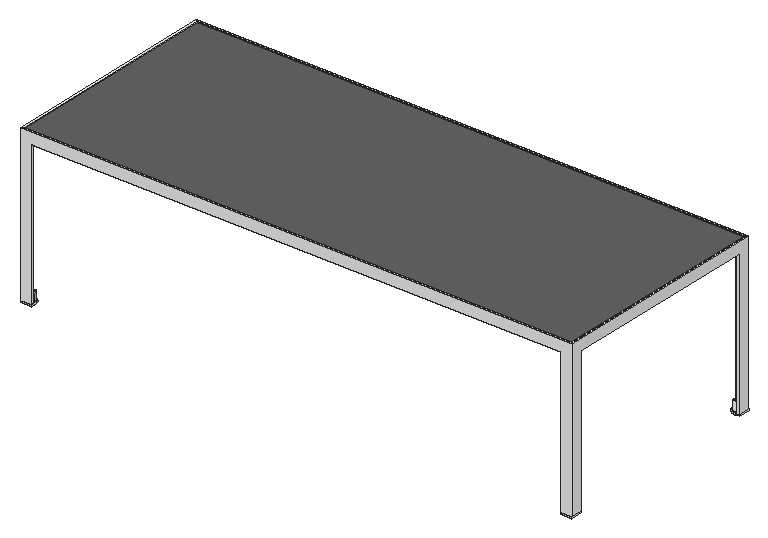
Revit family "Table-Multi_Use-Teknion-PRBH-R2014", category Furniture, Revit 2014
Parameters (values of type "(See Type Catalog)")
  Width = 100 247/256"
  Warranty = "http://www.teknionstudio.com/pdfs/Teknion%20Studio%20Warranty.pdf"
  Unit Weight = 0.00 lbf
  URL = "www.teknionstudio.com"
  Table Top Finish = Veneer - Teknion - P7 - Grey Oak
  Series = "B&B Italia"
  Product Page URL = "http://www.teknionstudio.com/progetto1/"
  Product Line = "Progetto"
  Product Documentation Link = "http://www.teknionstudio.com/pricing/progetto_ppg.pdf"
  Part Number = "PRBH"
  Model = ""
  Manufacturer Phone = "919-464-2920"
  Manufacturer Fax = "919-464-2927"
  Manufacturer Email = "customersupport@teknionstudio.com"
  Manufacturer Address = "3940 US 70 Business HWY West, Clayton, NC 27520"
  Manufacturer = "StudioTK"  # constant formula
  Low Emitting Material = yes
  Low Emitting Finish = yes
  Interior Frame Finish = none
  Height = 28 119/128"
  Foot Offset = if(Adjustable Foot, 5/8", 1/4")  # 5/8"
  Fixed Foot = not(Adjustable Foot)  # no
  Exterior Frame Finish = Metal - Teknion - C6 - Chrome
  Description = ""
  Depth = 40 43/128"
  Assembly Code = "E2020200"
  Adjustable Foot = yes
Reference planes (in)
  plane 1 "Center F/B": y = 0
  plane 2: z = 0
  plane 3 "Center L/R": x = 0
  plane 4 "Left": x = -50.48242
  plane 5 "Right": x = 50.48242
  plane 6 "Back": y = 20.16797
  plane 7 "Front": y = -20.16797
  plane 8 "Top": z = 28.92969
  plane 9: z = 0.625
  plane 10 "Revolve Front": y = -18.89639
  plane 11 "Revolve Back": y = 18.89639
  plane 12: z = 28.52344
Forms (in)
  Sweep 1, solid, material "Veneer - Teknion - P7 - Grey Oak" <- "Table Top Finish"
    path origin (0, 0, 28.92969) x (-1, 0, 0) y (0, -1, 0)
      loop
        line (50.08101, 0) -> (-50.08101, 0)
    profile origin (0, 0, 28.92969) x (0, 1, 0) y (0, 0, 1)
      loop
        line (19.76655, 0) -> (-19.76655, 0) -> (-19.76655, -0.40625) -> (19.76655, -0.40625) -> (19.76655, 0)
  Sweep 2, solid, material "Metal - Teknion - C6 - Chrome" <- "Exterior Frame Finish"
    path origin (0, 0, 0) x (1, 0, 0) y (0, 0, 1)
      loop
        line (0, 28.92969) -> (0, 0.625)
    profile origin (0, 0, 14.77734) x (0, -1, 0) y (1, 0, 0)
      loop
        line (-18.1473, -50.08101) -> (-19.66827, -50.08101) -> (-20.06968, -50.48242) -> (-18.1473, -50.48242) -> (-18.1473, -50.08101)
      loop
        line (-19.76655, -49.98272) -> (-19.76655, -48.46175) -> (-20.16797, -48.46175) -> (-20.16797, -50.38413) -> (-19.76655, -49.98272)
      loop
        line (-18.1473, 50.08101) -> (-18.1473, 50.48242) -> (-20.06968, 50.48242) -> (-19.66827, 50.08101) -> (-18.1473, 50.08101)
      loop
        line (-19.76655, 49.98272) -> (-20.16797, 50.38413) -> (-20.16797, 48.46175) -> (-19.76655, 48.46175) -> (-19.76655, 49.98272)
      loop
        line (18.1473, 50.08101) -> (19.66827, 50.08101) -> (20.06968, 50.48242) -> (18.1473, 50.48242) -> (18.1473, 50.08101)
      loop
        line (19.76655, 49.98272) -> (19.76655, 48.46175) -> (20.16797, 48.46175) -> (20.16797, 50.38413) -> (19.76655, 49.98272)
      loop
        line (18.1473, -50.08101) -> (18.1473, -50.48242) -> (20.06968, -50.48242) -> (19.66827, -50.08101) -> (18.1473, -50.08101)
      loop
        line (19.76655, -49.98272) -> (20.16797, -50.38413) -> (20.16797, -48.46175) -> (19.76655, -48.46175) -> (19.76655, -49.98272)
  Sweep 3, solid, material "Metal - Teknion - C6 - Chrome" <- "Exterior Frame Finish"
    path origin (0, 0, 28.92969) x (-1, 0, 0) y (0, -1, 0)
      loop
        line (0, 18.1473) -> (0, -18.1473)
    profile origin (0, 0, 28.92969) x (-1, 0, 0) y (0, 0, 1)
      loop
        line (50.48242, 0) -> (50.08101, 0) -> (50.08101, -1.9685) -> (50.48242, -1.9685) -> (50.48242, 0)
      loop
        line (-50.48242, 0) -> (-50.48242, -1.9685) -> (-50.08101, -1.9685) -> (-50.08101, 0) -> (-50.48242, 0)
  Sweep 4, solid, material "Metal - Teknion - C6 - Chrome" <- "Exterior Frame Finish", visible <- "Adjustable Foot"
    path origin (0, 0, 0) x (1, 0, 0) y (0, 0, 1)
      loop
        line (0, 0.376) -> (0, 0.625)
    profile origin (0, 0, 0.5005) x (-1, 0, 0) y (0, -1, 0)
      loop
        line (50.48242, -20.16797) -> (50.48242, -18.1473) -> (49.46175, -18.1473)
        arc (49.46175, -18.1473) -> (48.75465, -18.44019) -> (48.46175, -19.1473) r 1
        line (48.46175, -19.1473) -> (48.46175, -20.16797) -> (50.48242, -20.16797)
      loop
        line (-50.48242, -20.16797) -> (-48.46175, -20.16797) -> (-48.46175, -19.1473)
        arc (-48.46175, -19.1473) -> (-48.75465, -18.44019) -> (-49.46175, -18.1473) r 1
        line (-49.46175, -18.1473) -> (-50.48242, -18.1473) -> (-50.48242, -20.16797)
      loop
        line (-50.48242, 20.16797) -> (-50.48242, 18.1473) -> (-49.46175, 18.1473)
        arc (-49.46175, 18.1473) -> (-48.75465, 18.44019) -> (-48.46175, 19.1473) r 1
        line (-48.46175, 19.1473) -> (-48.46175, 20.16797) -> (-50.48242, 20.16797)
      loop
        line (50.48242, 20.16797) -> (48.46175, 20.16797) -> (48.46175, 19.1473)
        arc (48.46175, 19.1473) -> (48.75465, 18.44019) -> (49.46175, 18.1473) r 1
        line (49.46175, 18.1473) -> (50.48242, 18.1473) -> (50.48242, 20.16797)
  Revolve 5, solid, material "Metal - Teknion - C6 - Chrome" <- "Exterior Frame Finish", visible <- "Adjustable Foot"
    sketch origin (0, -18.89639, 0) x (1, 0, 0) y (0, 0, 1)
      loop
        line (-48.83675, 2.17054) -> (-49.21175, 2.17054) -> (-49.21175, 0) -> (-48.89925, 0) -> (-48.89925, 0.126) -> (-48.83675, 0.126) -> (-48.83675, 2.17054)
      axis (-49.21175, 0) -> (-49.21175, 2.17054)
    angle from 0 to 360
  Sweep 6, solid, material "Metal - Teknion - C6 - Chrome" <- "Exterior Frame Finish", visible <- "Adjustable Foot"
    path origin (0, -18.89639, 0) x (1, 0, 0) y (0, 0, 1)
      loop
        line (0, 0.376) -> (0, 0.625)
    profile origin (0, -18.89639, 0.5005) x (-1, 0, 0) y (0, -1, 0)
      loop
        line (48.46175, -38.66295) -> (48.46175, -39.06436) -> (50.48242, -39.06436) -> (50.48242, -37.04369) -> (50.08101, -37.04369) -> (50.08101, -38.66295) -> (48.46175, -38.66295)
      loop
        line (-48.46175, -39.06436) -> (-48.46175, -38.66295) -> (-50.08101, -38.66295) -> (-50.08101, -37.04369) -> (-50.48242, -37.04369) -> (-50.48242, -39.06436) -> (-48.46175, -39.06436)
      loop
        line (-50.48242, -0.74909) -> (-50.08101, -0.74909) -> (-50.08101, 0.87016) -> (-48.46175, 0.87016) -> (-48.46175, 1.27158) -> (-50.48242, 1.27158) -> (-50.48242, -0.74909)
      loop
        line (48.46175, 1.27158) -> (48.46175, 0.87016) -> (50.08101, 0.87016) -> (50.08101, -0.74909) -> (50.48242, -0.74909) -> (50.48242, 1.27158) -> (48.46175, 1.27158)
  Sweep 7, solid, material "Metal - Teknion - C6 - Chrome" <- "Exterior Frame Finish"
    path origin (0, 0, 28.92969) x (0, 1, 0) y (-1, 0, 0)
      loop
        line (0, 48.46175) -> (0, -48.46175)
    profile origin (0, 0, 28.92969) x (0, 1, 0) y (0, 0, 1)
      loop
        line (20.16797, 0) -> (19.76655, 0) -> (19.76655, -1.9685) -> (20.16797, -1.9685) -> (20.16797, 0)
      loop
        line (-20.16797, 0) -> (-20.16797, -1.9685) -> (-19.76655, -1.9685) -> (-19.76655, 0) -> (-20.16797, 0)
  Revolve 8, solid, material "Metal - Teknion - C6 - Chrome" <- "Exterior Frame Finish", visible <- "Adjustable Foot"
    sketch origin (0, -18.89639, 0) x (-1, 0, 0) y (0, 0, 1)
      loop
        line (-48.83675, 2.17054) -> (-49.21175, 2.17054) -> (-49.21175, 0) -> (-48.89925, 0) -> (-48.89925, 0.125) -> (-48.83675, 0.125) -> (-48.83675, 2.17054)
      axis (-49.21175, 0) -> (-49.21175, 2.17054)
    angle from 0 to 360
  Revolve 9, solid, material "Metal - Teknion - C6 - Chrome" <- "Exterior Frame Finish", visible <- "Adjustable Foot"
    sketch origin (0, 18.89639, 0) x (1, 0, 0) y (0, 0, 1)
      loop
        line (-48.83675, 2.17054) -> (-49.21175, 2.17054) -> (-49.21175, 0) -> (-48.89925, 0) -> (-48.89925, 0.126) -> (-48.83675, 0.126) -> (-48.83675, 2.17054)
      axis (-49.21175, 0) -> (-49.21175, 2.17054)
    angle from 0 to 360
  Revolve 10, solid, material "Metal - Teknion - C6 - Chrome" <- "Exterior Frame Finish", visible <- "Adjustable Foot"
    sketch origin (0, 18.89639, 0) x (1, 0, 0) y (0, 0, 1)
      loop
        line (48.83675, 2.17054) -> (48.83675, 0.126) -> (48.89925, 0.126) -> (48.89925, 0) -> (49.21175, 0) -> (49.21175, 2.17054) -> (48.83675, 2.17054)
      axis (49.21175, 0) -> (49.21175, 2.17054)
    angle from 0 to 360
  Sweep 11, solid, material <- "Interior Frame Finish"
    path origin (0, -18.89639, 0) x (1, 0, 0) y (0, 0, 1)
      loop
        line (0, 28.52344) -> (0, 26.96118)
    profile origin (0, -18.89639, 27.74231) x (0, -1, 0) y (1, 0, 0)
      loop
        line (-38.66295, -50.08101) -> (0.87016, -50.08101) -> (0.87016, 50.08101) -> (-38.66295, 50.08101) -> (-38.66295, -50.08101)
      loop
        line (0.46875, -49.67959) -> (0.46875, -17.08978) -> (-38.26153, -17.08978) -> (-38.26153, -49.67959) -> (0.46875, -49.67959)
      loop
        line (-38.26153, 49.67959) -> (-38.26153, 17.09002) -> (0.46875, 17.09002) -> (0.46875, 49.67959) -> (-38.26153, 49.67959)
      loop
        line (0.46875, -16.30238) -> (0.46875, 16.30262) -> (-38.26153, 16.30262) -> (-38.26153, -16.30238) -> (0.46875, -16.30238)
  Sweep 12, solid, material "Metal - Teknion - C6 - Chrome" <- "Exterior Frame Finish", visible <- "Fixed Foot"
    path origin (-7.26285, -16.03178, 0) x (1, 0, 0) y (0, 0, 1)
      loop
        line (7.26285, 0.376) -> (7.26285, 0.625)
    profile origin (0, -16.03178, 0.5005) x (-1, 0, 0) y (0, -1, 0)
      loop
        line (48.46175, -35.79834) -> (48.46175, -36.19975) -> (50.48242, -36.19975) -> (50.48242, -34.17908) -> (50.08101, -34.17908) -> (50.08101, -35.79834) -> (48.46175, -35.79834)
      loop
        line (48.46175, 4.13619) -> (48.46175, 3.73477) -> (50.08101, 3.73477) -> (50.08101, 2.11552) -> (50.48242, 2.11552) -> (50.48242, 4.13619) -> (48.46175, 4.13619)
      loop
        line (-48.46175, -35.79834) -> (-50.08101, -35.79834) -> (-50.08101, -34.17908) -> (-50.48242, -34.17908) -> (-50.48242, -36.19975) -> (-48.46175, -36.19975) -> (-48.46175, -35.79834)
      loop
        line (-48.46175, 4.13619) -> (-50.48242, 4.13619) -> (-50.48242, 2.11552) -> (-50.08101, 2.11552) -> (-50.08101, 3.73477) -> (-48.46175, 3.73477) -> (-48.46175, 4.13619)
Cuts and joins
  joined: Sweep 4, Revolve 5, Sweep 6, Revolve 9, Revolve 10
  joined: Sweep 2, Sweep 3, Sweep 7
Lines and regions (in)
  Masking region 1
    outline origin (0, 0, 28.92969) x (-1, 0, 0) y (0, -1, 0)
      loop
        line (50.48242, -20.16797) -> (50.48242, 20.16797) -> (-50.48242, 20.16797) -> (-50.48242, -20.16797) -> (50.48242, -20.16797)
  symbolic lines, detail levels medium+fine
    curve 1: line (50.08101, 19.76655, 28.92969) -> (-50.08101, 19.76655, 28.92969)
    curve 2: line (-50.08101, 19.76655, 28.92969) -> (-50.08101, -19.76655, 28.92969)
    curve 3: line (-50.08101, -19.76655, 28.92969) -> (50.08101, -19.76655, 28.92969)
    curve 4: line (50.08101, -19.76655, 28.92969) -> (50.08101, 19.76655, 28.92969)
  symbolic lines, style "FurnitureHiddenLines", detail levels fine
    curve 5: line (-49.67959, 19.36514, 28.92969) -> (-17.08978, 19.36514, 28.92969)
    curve 6: line (-17.08978, 19.36514, 28.92969) -> (-17.08978, -19.36514, 28.92969)
    curve 7: line (-17.08978, -19.36514, 28.92969) -> (-49.67959, -19.36514, 28.92969)
    curve 8: line (-49.67959, -19.36514, 28.92969) -> (-49.67959, 19.36514, 28.92969)
    curve 9: line (-16.30238, 19.36514, 28.92969) -> (16.30262, 19.36514, 28.92969)
    curve 10: line (49.67959, 19.36514, 28.92969) -> (49.67959, -19.36514, 28.92969)
    curve 11: line (49.67959, -19.36514, 28.92969) -> (17.09002, -19.36514, 28.92969)
    curve 12: line (-16.30238, -19.36514, 28.92969) -> (-16.30238, 19.36514, 28.92969)
    curve 13: line (17.09002, 19.36514, 28.92969) -> (17.09002, -19.36514, 28.92969)
    curve 14: line (16.30262, -19.36514, 28.92969) -> (16.30262, 19.36514, 28.92969)
    curve 15: line (17.09002, 19.36514, 28.92969) -> (49.67959, 19.36514, 28.92969)
    curve 16: line (16.30262, -19.36514, 28.92969) -> (-16.30238, -19.36514, 28.92969)
Dimensions and locks (in)
  equal spacing: plane 4 "Left", plane 3 "Center L/R", plane 5 "Right"
  equal spacing: plane 6 "Back", plane 1 "Center F/B", plane 7 "Front"
  locked: Sweep 1 sketch curve to plane 5 "Right" at 0.40142
  locked: plane 4 "Left" to Sweep 1 sketch curve at 0.40142
  locked: plane 6 "Back" to Sweep 1 sketch curve at 0.40142
  locked: Sweep 1 sketch curve to plane 7 "Front" at 0.40142
  locked: plane 4 "Left" to Sweep 2 sketch curve at 2.02067  (x2)
  locked: Sweep 2 sketch curve to plane 7 "Front" at 2.02067
  locked: plane 4 "Left" to Sweep 2 sketch curve at 0.40142  (x2)
  locked: plane 7 "Front" to Sweep 2 sketch curve at 0.40142
  locked: Sweep 2 sketch curve to plane 7 "Front" at 0.40142
  locked: Sweep 2 sketch curve to plane 5 "Right" at 0.40142  (x2)
  locked: plane 7 "Front" to Sweep 2 sketch curve at 2.02067
  locked: Sweep 2 sketch curve to plane 5 "Right" at 2.02067  (x2)
  locked: plane 9 to Sweep 4 sketch curve at 0.249
  "Width": plane 4 "Left" to plane 5 "Right"
  "Depth": plane 6 "Back" to plane 7 "Front"
  locked: plane 4 "Left" to Sweep 4 sketch curve at 1.02067  (x2)
  locked: plane 6 "Back" to Sweep 4 sketch curve at 1.02067  (x2)
  locked: Sweep 4 sketch curve to plane 5 "Right" at 1.02067  (x2)
  locked: plane 7 "Front" to Sweep 4 sketch curve at 1.02067  (x2)
  locked: Revolve 5 sketch curve to Revolve 5 sketch curve at 0.375
  locked: Revolve 5 sketch curve to Revolve 5 sketch curve at 0.3125
  locked: plane 6 "Back" to Sweep 2 sketch curve at 2.02067
  locked: Sweep 2 sketch curve to plane 6 "Back" at 0.40142
  locked: plane 6 "Back" to Sweep 2 sketch curve at 0.40142
  locked: Sweep 2 sketch curve to plane 6 "Back" at 2.02067
  locked: Revolve 5 sketch curve to plane 4 "Left" at 1.27067
  locked: Revolve 5 sketch curve to plane 2 at 2.17054
  locked: plane 7 "Front" to plane 10 "Revolve Front" at 1.27158
  locked: plane 6 "Back" to plane 11 "Revolve Back" at 1.27158
  locked: plane 9 to Sweep 6 sketch curve at 0.249
  "Foot Offset": plane 9 to plane 2
  locked: plane 4 "Left" to Sweep 3 sketch curve at 0.40142
  locked: plane 8 "Top" to Sweep 3 sketch curve at 1.9685  (x2)
  locked: Sweep 3 sketch curve to plane 5 "Right" at 0.40142
  locked: plane 6 "Back" to Sweep 7 sketch curve at 0.40142
  locked: plane 8 "Top" to Sweep 7 sketch curve at 1.9685
  locked: Sweep 7 sketch curve to plane 7 "Front" at 0.40142
  locked: Sweep 7 sketch curve to plane 8 "Top" at 1.9685
  locked: plane 7 "Front" to Sweep 3 sketch curve at 2.02067
  locked: plane 6 "Back" to Sweep 3 sketch curve at 2.02067
  locked: plane 4 "Left" to Sweep 7 sketch curve at 2.02067
  locked: Sweep 7 sketch curve to plane 5 "Right" at 2.02067
  locked: Revolve 8 sketch curve to Revolve 8 sketch curve at 0.375
  locked: Revolve 8 sketch curve to Revolve 8 sketch curve at 0.3125
  locked: plane 5 "Right" to Revolve 8 sketch curve at 1.27067
  locked: Revolve 8 sketch curve to plane 2 at 2.17054
  locked: Revolve 9 sketch curve to Revolve 9 sketch curve at 0.375
  locked: Revolve 9 sketch curve to Revolve 9 sketch curve at 0.3125
  locked: Revolve 10 sketch curve to Revolve 10 sketch curve at 0.375
  locked: Revolve 10 sketch curve to Revolve 10 sketch curve at 0.3125
  locked: Revolve 9 sketch curve to plane 4 "Left" at 1.27067
  locked: Revolve 9 sketch curve to plane 2 at 2.17054
  locked: plane 5 "Right" to Revolve 10 sketch curve at 1.27067
  locked: Revolve 10 sketch curve to plane 2 at 2.17054
  "Height": plane 8 "Top" to plane 2
  locked: plane 8 "Top" to plane 12 at 0.40625
  locked: plane 12 to Sweep 11 sketch curve at 1.56225
  plane 4 "Left" to Sweep 11 sketch curve to Sweep 11 sketch curve = 0.40142" locked, 0.40142" locked
  Sweep 11 sketch curve to Sweep 11 sketch curve to plane 7 "Front" = 0.40142" locked, 0.40142" locked
  Sweep 11 sketch curve to Sweep 11 sketch curve to plane 5 "Right" = 0.40142" locked, 0.40142" locked
  Sweep 11 sketch curve to Sweep 11 sketch curve to plane 6 "Back" = 0.40142" locked, 0.40142" locked
  locked: Sweep 2 sketch curve to Sweep 2 sketch curve at 0.139  (x4)
  locked: Revolve 5 sketch curve to plane 2 at 0.126
  locked: Revolve 9 sketch curve to plane 2 at 0.126
  locked: Revolve 8 sketch curve to plane 2 at 0.125
  locked: Revolve 10 sketch curve to plane 2 at 0.126
  locked: Sweep 11 sketch curve to Sweep 11 sketch curve at 0.7874  (x2)
  locked: Sweep 11 sketch curve to Sweep 11 sketch curve at 32.605
  locked: Sweep 11 sketch curve to plane 5 "Right" at 33.3924
  locked: Sweep 11 sketch curve to Sweep 11 sketch curve at 0.40142  (x3)
  locked: plane 4 "Left" to Sweep 12 sketch curve at 0.40142  (x2)
  locked: Sweep 12 sketch curve to plane 7 "Front" at 0.40142
  locked: Sweep 12 sketch curve to plane 7 "Front" at 2.02067
  locked: plane 4 "Left" to Sweep 12 sketch curve at 2.02067  (x2)
  locked: Sweep 12 sketch curve to plane 6 "Back" at 0.40142
  locked: Sweep 12 sketch curve to plane 6 "Back" at 2.02067
  locked: Sweep 12 sketch curve to plane 5 "Right" at 2.02067  (x2)
  locked: Sweep 12 sketch curve to plane 5 "Right" at 0.40142  (x2)
  locked: plane 7 "Front" to Sweep 12 sketch curve at 2.02067
  locked: plane 7 "Front" to Sweep 12 sketch curve at 0.40142
  locked: plane 6 "Back" to Sweep 12 sketch curve at 0.40142
  locked: plane 6 "Back" to Sweep 12 sketch curve at 2.02067
  locked: plane 9 to Sweep 12 sketch curve at 0.249
  aligned and locked: level to plane 2
  aligned and locked: plane 1 "Center F/B" to Sweep 1 sketch curve
  aligned and locked: Sweep 1 sketch curve to plane 8 "Top"
  aligned and locked: plane 8 "Top" to Sweep 2 sketch curve
  aligned and locked: plane 9 to Sweep 2 sketch curve
  aligned and locked: Sweep 2 sketch curve to plane 3 "Center L/R"
  aligned and locked: Sweep 2 sketch curve to plane 4 "Left"
  aligned and locked: Sweep 2 sketch curve to plane 6 "Back"
  aligned and locked: plane 6 "Back" to Sweep 2 sketch curve
  aligned and locked: Sweep 2 sketch curve to plane 5 "Right"
  aligned and locked: Sweep 2 sketch curve to plane 7 "Front"
  aligned and locked: plane 5 "Right" to Sweep 2 sketch curve
  aligned and locked: plane 4 "Left" to Sweep 2 sketch curve
  aligned and locked: plane 7 "Front" to Sweep 2 sketch curve
  aligned and locked: plane 3 "Center L/R" to Sweep 4 sketch curve
  aligned and locked: plane 9 to Sweep 4 sketch curve
  aligned and locked: Sweep 4 sketch curve to plane 4 "Left"
  aligned and locked: Sweep 4 sketch curve to plane 6 "Back"  (x2)
  aligned and locked: Sweep 4 sketch curve to plane 7 "Front"  (x2)
  aligned and locked: plane 4 "Left" to Sweep 4 sketch curve
  aligned and locked: plane 5 "Right" to Sweep 4 sketch curve
  aligned and locked: Sweep 4 sketch curve to plane 5 "Right"
  aligned and locked: Revolve 5 sketch curve to Revolve 5 sketch curve
  aligned and locked: plane 3 "Center L/R" to Sweep 6 sketch curve
  aligned and locked: plane 9 to Sweep 6 sketch curve
  aligned and locked: Sweep 6 sketch curve to Sweep 2  (x24)
  aligned and locked: plane 3 "Center L/R" to Sweep 3 sketch curve
  aligned and locked: plane 4 "Left" to Sweep 3 sketch curve
  aligned and locked: Sweep 3 sketch curve to plane 8 "Top"
  aligned and locked: plane 5 "Right" to Sweep 3 sketch curve
  aligned and locked: plane 8 "Top" to Sweep 3 sketch curve
  aligned and locked: plane 1 "Center F/B" to Sweep 7 sketch curve
  aligned and locked: Sweep 7 sketch curve to plane 8 "Top"
  aligned and locked: Sweep 7 sketch curve to plane 6 "Back"
  aligned and locked: plane 7 "Front" to Sweep 7 sketch curve
  aligned and locked: plane 8 "Top" to Sweep 7 sketch curve
  aligned and locked: Revolve 8 sketch curve to Revolve 8 sketch curve
  aligned and locked: plane 2 to Revolve 8 sketch curve
  aligned and locked: Revolve 9 sketch curve to Revolve 9 sketch curve
  aligned and locked: Revolve 10 sketch curve to Revolve 10 sketch curve
  aligned and locked: plane 2 to Revolve 10 sketch curve
  aligned and locked: Sweep 1 sketch curve to plane 12
  aligned and locked: plane 12 to Sweep 11 sketch curve
  aligned and locked: Sweep 11 sketch curve to plane 3 "Center L/R"
  aligned and locked: Masking region 1 sketch curve to plane 6 "Back"
  aligned and locked: Masking region 1 sketch curve to plane 7 "Front"
  aligned and locked: Masking region 1 sketch curve to plane 5 "Right"
  aligned and locked: plane 4 "Left" to Masking region 1 sketch curve
  aligned and locked: curve 1 to Sweep 1
  aligned and locked: curve 2 to Sweep 1
  aligned and locked: curve 3 to Sweep 1
  aligned and locked: curve 4 to Sweep 1
  aligned and locked: curve 5 to Sweep 11
  aligned and locked: curve 6 to Sweep 11
  aligned and locked: curve 7 to Sweep 11
  aligned and locked: curve 8 to Sweep 11
  aligned and locked: curve 9 to Sweep 11
  aligned and locked: curve 10 to Sweep 11
  aligned and locked: curve 11 to Sweep 11
  aligned and locked: curve 12 to Sweep 11
  aligned and locked: curve 14 to Sweep 11
  aligned and locked: curve 13 to Sweep 11
  aligned and locked: Sweep 12 sketch curve to plane 7 "Front"  (x2)
  aligned and locked: Sweep 12 sketch curve to plane 4 "Left"  (x2)
  aligned and locked: plane 6 "Back" to Sweep 12 sketch curve
  aligned and locked: Sweep 12 sketch curve to plane 5 "Right"  (x2)
  aligned and locked: Sweep 12 sketch curve to plane 6 "Back"
  aligned and locked: plane 3 "Center L/R" to Sweep 12 sketch curve
  aligned and locked: plane 9 to Sweep 12 sketch curve
  aligned and locked: Revolve 5 sketch curve to plane 2
  aligned and locked: Revolve 9 sketch curve to plane 2
Automatic sketch dimensions
  Sweep 4 sketch curve to Sweep 4 sketch curve = 1"  (x4)
  Revolve 5 sketch curve to Revolve 5 sketch curve = 0.28131"
  Revolve 5 sketch curve to Revolve 5 sketch curve = 0.04815"
  Revolve 9 sketch curve to Revolve 9 sketch curve = 0.28131"
  Revolve 9 sketch curve to Revolve 9 sketch curve = 0.04815"
  Revolve 10 sketch curve to Revolve 10 sketch curve = 0.28131"
  Revolve 10 sketch curve to Revolve 10 sketch curve = 0.04815"
  Sweep 2 sketch curve to Sweep 2 sketch curve = 0.09829"  (x8)
  level to Revolve 8 sketch curve = 0.28131"
  Revolve 8 sketch curve to Revolve 8 sketch curve = 0.04815"
  Sweep 11 sketch curve to Sweep 11 sketch curve = 0"
  plane 11 "Revolve Back" to curve 13 = 15/32"
  plane 10 "Revolve Front" to curve 12 = 15/32"
